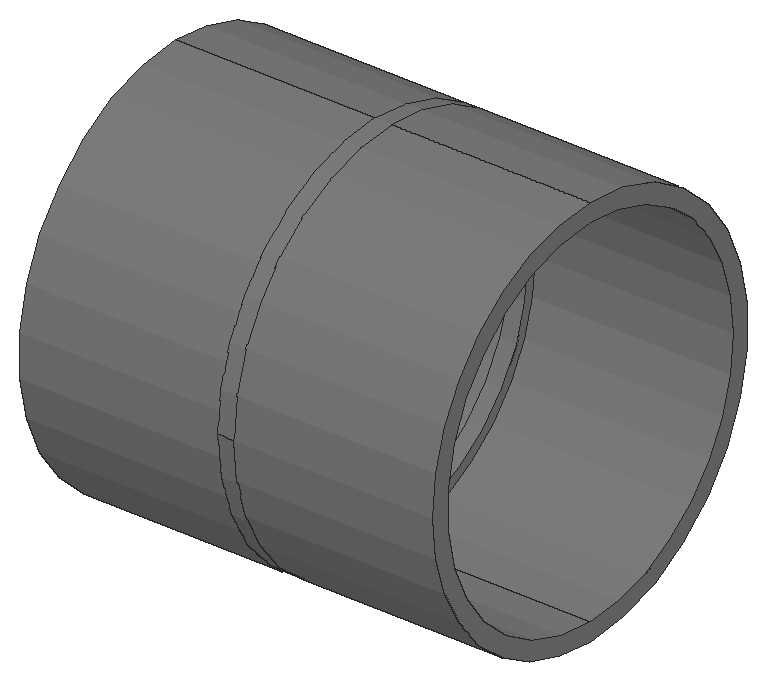
Revit family "Dirit_uPVC Tien Phong Union", category Pipe Fittings, Revit 2024
Family settings
  Round Connector Dimension = Use Diameter
  Part Type = Union
  Work Plane-Based = No
  Always vertical = Yes
  Cut with Voids When Loaded = No
  Shared = No
Parameters (values of type "Standard")
  uPVC = uPVC
  Website = ""
  URL = ""
  Type Image = PVC Union.JPG
  Type Comments = ""
  Standard = ""
  Name Fitting = "uPVC_Union"  # constant formula
  Mô tả = "Nối trơn"
  Lookup Table = "uPVC_Union_Tien Phong"
  ENG_Thickness [instance] = (ENG_Fitting Outside Diameter - ENG_Fitting Inside Diameter) / 2  # 5.3 mm
  ENG_Socket Outside Radius [instance] = ENG_Fitting Outside Diameter / 2  # 60.3 mm
  ENG_Socket Length [instance] = size_lookup(Lookup Table, "Z", ENG_Nominal Diameter * 0.2, ENG_Nominal Diameter)  # 5 mm
  ENG_Socket Inside Radius [instance] = ENG_Fitting Inside Diameter / 2 - ENG_Thickness * 0.5  # 52.35 mm
  ENG_Length [instance] = size_lookup(Lookup Table, "L", ENG_Nominal Diameter - 2 mm, ENG_Nominal Diameter)  # 61 mm
  ENG_Fitting Outside Diameter [instance] = size_lookup(Lookup Table, "OD", ENG_Nominal Diameter + 2.5 mm * 2, ENG_Nominal Diameter)  # 120.6 mm
  ENG_Fitting Inside Diameter [instance] = size_lookup(Lookup Table, "ID", ENG_Nominal Diameter, ENG_Nominal Diameter)  # 110 mm
  ENG_Nominal Diameter [instance] = 110 mm
  Model = ""
  Manufacturer = ""
  Fanpage = ""
  Email = ""
  Design By = ""
  Default Elevation = 0 mm
  Address = ""
Reference planes
  plane 1 "Main Reference Horizontal": y = 0
  plane 2: z = 0
  plane 3 "Main Reference Vertical": x = 0
  plane 4: x = 2.5
  plane 5: x = -2.5
Forms (mm)
  Revolve 1, solid, material "uPVC" <- "uPVC", detail levels fine
    sketch origin (0, 0, 0) x (1, 0, 0) y (0, 1, 0)
      loop
        line (-2.5, 60.3) -> (-2.5, 52.35) -> (2.5, 52.35) -> (2.5, 60.3) -> (-2.5, 60.3)
      axis (2.5, 0) -> (-2.5, 0)
    angle from 0 to 360
  Extrusion 2, solid, material "uPVC" <- "uPVC", detail levels fine
    sketch origin (-2.5, 0, 0) x (0, 0, 1) y (0, 1, 0)
      loop
        circle (0, 0) r 60.3
      loop
        circle (0, 0) r 55
    from 0 to 61 <- "ENG_Length"
  Extrusion 3, solid, material "uPVC" <- "uPVC", detail levels fine
    sketch origin (2.5, 0, 0) x (0, 0, 1) y (0, -1, 0)
      loop
        circle (0, 0) r 60.3
      loop
        circle (0, 0) r 55
    from 0 to 61 <- "ENG_Length"
Cuts and joins
  joined: Revolve 1, Extrusion 2, Extrusion 3
Lines and regions (mm)
  reference lines
    curve 1: line (-2.5, 0, 0) -> (2.5, 0, 0)
  model lines, detail levels coarse+medium
    curve 2: line (-2.5, 0, 0) -> (2.5, 0, 0)
    curve 3: line (2.5, 26.175, 0) -> (2.5, -26.175, 0)
    curve 4: line (-2.5, 26.175, 0) -> (-2.5, -26.175, 0)
Dimensions and locks
  equal spacing: plane 5, plane 3 "Main Reference Vertical", plane 4
  "ENG_Socket Length": plane 5 to plane 4
  "ENG_Socket Outside Radius": plane 1 "Main Reference Horizontal" to Revolve 1 sketch curve
  "ENG_Socket Inside Radius": Revolve 1 sketch curve to plane 1 "Main Reference Horizontal"
  equal spacing: curve 4, plane 1 "Main Reference Horizontal", curve 4
  "ENG_Socket Inside Radius": curve 4 to curve 4
  equal spacing: curve 3, plane 1 "Main Reference Horizontal", curve 3
  "ENG_Socket Inside Radius": curve 3 to curve 3
  "ENG_Fitting Inside Diameter": diameter of Extrusion 2 sketch curve
  "ENG_Fitting Outside Diameter": diameter of Extrusion 2 sketch curve
  "ENG_Fitting Inside Diameter": diameter of Extrusion 3 sketch curve
  "ENG_Fitting Outside Diameter": diameter of Extrusion 3 sketch curve
  aligned and locked: level to plane 2
  aligned and locked: plane 5 to curve 1
  aligned and locked: plane 4 to curve 1
  aligned and locked: plane 1 "Main Reference Horizontal" to curve 1
  aligned and locked: Revolve 1 to plane 5
  aligned and locked: Revolve 1 to plane 4
  aligned and locked: plane 1 "Main Reference Horizontal" to Extrusion 2  (x2)
  aligned and locked: plane 5 to Extrusion 2
  aligned and locked: plane 1 "Main Reference Horizontal" to Extrusion 3  (x2)
  aligned and locked: Extrusion 3 to plane 4
  aligned and locked: plane 4 to curve 2
  aligned and locked: plane 5 to curve 2
  aligned and locked: plane 1 "Main Reference Horizontal" to curve 2
  aligned and locked: curve 4 to plane 5
  aligned and locked: curve 3 to plane 4
Automatic sketch dimensions
  Revolve 1 sketch curve to plane 1 "Main Reference Horizontal" = 0 mm
  Revolve 1 sketch curve to plane 5 = 0 mm
  Revolve 1 sketch curve to plane 4 = 0 mm
  Revolve 1 sketch curve to plane 5 = 1998 mm
  plane 4 to Revolve 1 sketch curve = 1998 mm
  Extrusion 2 sketch curve to Extrusion 2 sketch curve = 0 mm  (x2)
  Extrusion 2 sketch curve to level = 0 mm
  Extrusion 2 sketch curve to plane 1 "Main Reference Horizontal" = 0 mm
  Extrusion 3 sketch curve to Extrusion 3 sketch curve = 0 mm  (x2)
  Extrusion 3 sketch curve to level = 0 mm
  Extrusion 3 sketch curve to plane 1 "Main Reference Horizontal" = 0 mm
Connectors
  piping at (-2.5, 0, 0), diameter 110, driven by "ENG_Nominal Diameter"
    settings: on curve 1, index 1, connector inside diameter 609.6 mm, connector length 0 mm, flow factor 0, pipe flow 0.0 L/s, pressure drop 0.0 Pa, fitting loss kfactor 0, connector angle 0.00°, fixture units 0, engagement length 0 mm, angle of deflection 0.00°, flow configuration 0, flow direction 0, fitting loss method 0, system type 28, joint type 0, gender type 0, connector reference index 2, connector utility 0, adjustable connector no, is connector primary yes, connector description ""
  piping at (2.5, 0, 0), diameter 110, driven by "ENG_Nominal Diameter"
    settings: on curve 1, index 2, connector inside diameter 609.6 mm, connector length 0 mm, flow factor 0, pipe flow 0.0 L/s, pressure drop 0.0 Pa, fitting loss kfactor 0, connector angle 0.00°, fixture units 0, engagement length 0 mm, angle of deflection 0.00°, flow configuration 0, flow direction 0, fitting loss method 0, system type 28, joint type 0, gender type 0, connector reference index 1, connector utility 0, adjustable connector no, is connector primary no, connector description ""
